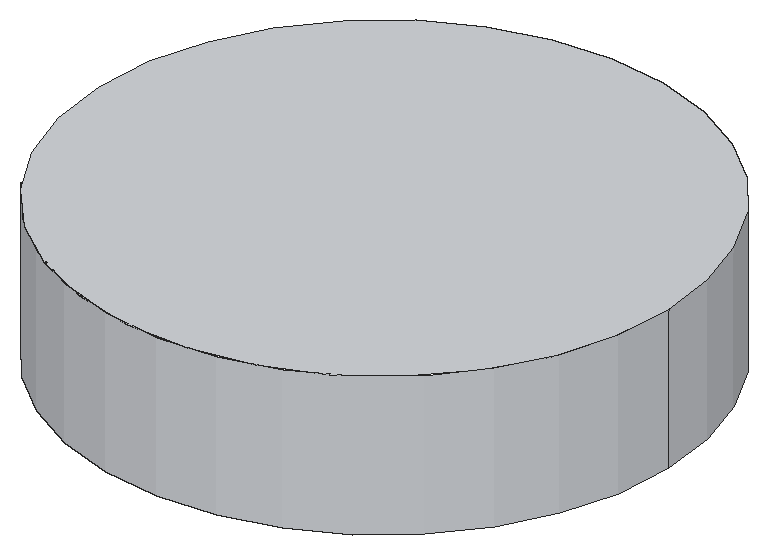
Revit family "Circle", category Specialty Equipment, Revit 2018
Family settings
  Round Connector Dimension = Use Diameter
  Part Type = Normal
  Work Plane-Based = No
  Always vertical = Yes
  Cut with Voids When Loaded = No
  Shared = Yes
  Room Calculation Point = No
Parameters
  Width = 1000 mm
  Project_Code_BLP = ""
  Package_BLP = ""
  Height_AFFL = 1000 mm
  Height = 900 mm
  Exclude_From_Schedules = yes
  Equipment_Group_BLP = ""
  Depth = 1000 mm
  AHFG_Ref_BLP = ""
Reference planes
  plane 1 "Center (Front/Back)": y = 0
  plane 2: z = 0
  plane 3 "Center (Left/Right)": x = 0
  plane 4: x = -500
  plane 5: x = 500
  plane 6: y = -500
  plane 7: y = 500
  plane 8: z = 1000
  plane 9: z = 2000
Forms (mm)
  Extrusion 1, solid
    sketch origin (0, 0, 0) x (1, 0, 0) y (0, 1, 0)
      loop
        circle (0, 0) r 500
    from 0 to 250
Dimensions and locks
  equal spacing: plane 7, plane 1 "Center (Front/Back)", plane 6
  "Depth": plane 7 to plane 6
  equal spacing: plane 4, plane 3 "Center (Left/Right)", plane 5
  "Width": plane 4 to plane 5
  "Height_AFFL": plane 9 to plane 8
  "Height_AFFL": plane 8 to plane 2
  aligned and locked: level to plane 2
Automatic sketch dimensions
  plane 1 "Center (Front/Back)" to Extrusion 1 sketch curve = 0 mm
  Extrusion 1 sketch curve to plane 3 "Center (Left/Right)" = 0 mm
  radius of Extrusion 1 sketch curve = 500 mm
